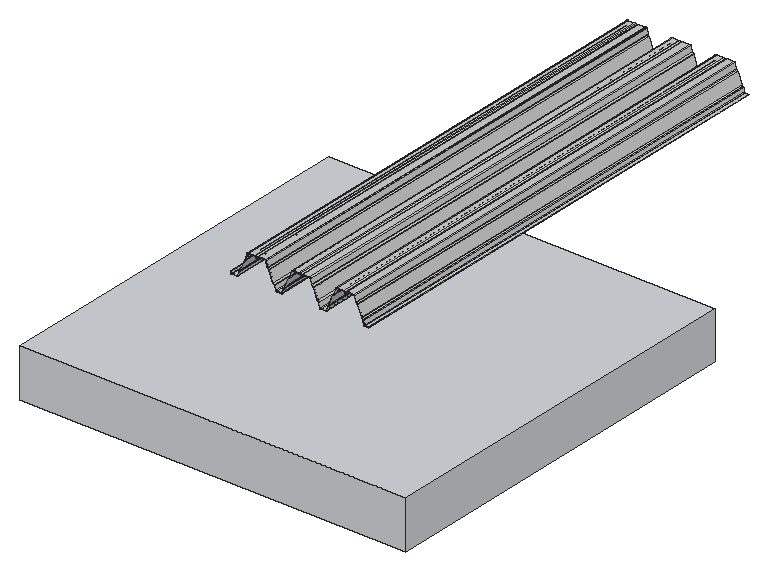
Revit family "Trapézový plech CB 150_280", category Obecné modely, Revit 2016
Family settings
  Hostitel = Plocha
  Typ součásti = Normální
  Může být hostitelem pro výztuž = Ne
  Kóta kulaté spojky = Použít průměr
  Ořezat dutým tvarem při načtení = Ne
  Sdílené = Ne
  Bod výpočtu místnosti = Ne
Parameters
  Šířka prvku - ořezání [instance] = 875 mm
  Šířka [instance] = 840 mm  # constant formula
  Výrobce = "CB profil a. s."  # constant formula
  Default Elevation = 0 mm
  URL = "https://www.cbprofil.cz/vyrobni-program/trapezove-plechy-vyroba-cb/"
  Třída oceli [instance] = Třída oceli : S 320 GD
  Tloušťka [instance] = 1 mm
  Pozitivní [instance] = not(Negativní)  # yes
  Popis = "CB 150/280"
  Negativní [instance] = no
  F2 barva [instance] = Pozink
  F1 barva [instance] = Pozink
  Délka [instance] = 3000 mm
  CB FLIS [instance] = no
Reference planes
  plane 1 "Střed (vpředu/vzadu)": y = 0
  plane 2: z = 0
  plane 3 "Střed (vlevo/vpravo)": x = 0
  plane 4 "trapézový plech": z = 0
  plane 5 "oříznutí": x = -875
  plane 6: x = -1219.2
  plane 7: x = -840
  plane 8: z = 155
Forms (mm)
  Extrusion 1, solid
    sketch origin (0, 0, 0) x (1, 0, 0) y (0, 1, 0)
      loop
        line (-1219.2, 1219.2) -> (-1219.2, -1219.2) -> (1219.2, -1219.2) -> (1219.2, 1219.2) -> (-1219.2, 1219.2)
    from 0 to -304.8
  Sweep 2, solid, material "Pozink" <- "F2 barva", visible <- "Pozitivní"
    path origin (0, 0, 0) x (-1, 0, 0) y (0, -1, 0)
      loop
        line (0, 0) -> (0, -3000)
    profile "CB 150_280 : CB 150_280" origin (0, 1500, 0) x (-1, 0, 0) y (0, 0, 1)
      loop
        line (-5, 0) -> (0, 0) -> (15.661, 0)
        arc (15.661, 0) -> (20.055, 1.551) -> (22.502, 5.518) r 7
        line (22.502, 5.518) -> (27.61, 29.093)
        arc (27.61, 29.093) -> (28.096, 30.408) -> (28.929, 31.537) r 5
        line (28.929, 31.537) -> (37.624, 40.393)
        arc (37.624, 40.393) -> (38.531, 41.534) -> (39.182, 42.837) r 7
        line (39.182, 42.837) -> (62.705, 105.501)
        arc (62.705, 105.501) -> (63.152, 106.402) -> (63.77, 107.196) r 5
        line (63.77, 107.196) -> (72.257, 116.088)
        arc (72.257, 116.088) -> (73.377, 117.641) -> (74.035, 119.439) r 7
        line (74.035, 119.439) -> (80.453, 149.059)
        arc (80.453, 149.059) -> (82.2, 151.892) -> (85.339, 153) r 5
        line (85.339, 153) -> (127.625, 153)
        arc (127.625, 153) -> (129.116, 152.772) -> (130.472, 152.111) r 5
        line (130.472, 152.111) -> (136.015, 148.272)
        arc (136.015, 148.272) -> (140, 147.027) -> (143.985, 148.272) r 7
        line (143.985, 148.272) -> (149.528, 152.111)
        arc (149.528, 152.111) -> (150.884, 152.772) -> (152.375, 153) r 5
        line (152.375, 153) -> (194.661, 153)
        arc (194.661, 153) -> (197.8, 151.892) -> (199.547, 149.059) r 5
        line (199.547, 149.059) -> (205.965, 119.439)
        arc (205.965, 119.439) -> (206.623, 117.641) -> (207.743, 116.088) r 7
        line (207.743, 116.088) -> (216.23, 107.196)
        arc (216.23, 107.196) -> (216.848, 106.402) -> (217.295, 105.501) r 5
        line (217.295, 105.501) -> (240.818, 42.837)
        arc (240.818, 42.837) -> (241.469, 41.534) -> (242.376, 40.393) r 7
        line (242.376, 40.393) -> (251.071, 31.537)
        arc (251.071, 31.537) -> (251.904, 30.408) -> (252.39, 29.093) r 5
        line (252.39, 29.093) -> (257.498, 5.518)
        arc (257.498, 5.518) -> (259.945, 1.551) -> (264.339, 0) r 7
        line (264.339, 0) -> (280, 0) -> (295.661, 0)
        arc (295.661, 0) -> (300.055, 1.551) -> (302.502, 5.518) r 7
        line (302.502, 5.518) -> (307.61, 29.093)
        arc (307.61, 29.093) -> (308.096, 30.408) -> (308.929, 31.537) r 5
        line (308.929, 31.537) -> (317.624, 40.393)
        arc (317.624, 40.393) -> (318.531, 41.534) -> (319.182, 42.837) r 7
        line (319.182, 42.837) -> (342.705, 105.501)
        arc (342.705, 105.501) -> (343.152, 106.402) -> (343.77, 107.196) r 5
        line (343.77, 107.196) -> (352.257, 116.088)
        arc (352.257, 116.088) -> (353.377, 117.641) -> (354.035, 119.439) r 7
        line (354.035, 119.439) -> (360.453, 149.059)
        arc (360.453, 149.059) -> (362.2, 151.892) -> (365.339, 153) r 5
        line (365.339, 153) -> (407.625, 153)
        arc (407.625, 153) -> (409.116, 152.772) -> (410.472, 152.111) r 5
        line (410.472, 152.111) -> (416.015, 148.272)
        arc (416.015, 148.272) -> (420, 147.027) -> (423.985, 148.272) r 7
        line (423.985, 148.272) -> (429.528, 152.111)
        arc (429.528, 152.111) -> (430.884, 152.772) -> (432.375, 153) r 5
        line (432.375, 153) -> (474.661, 153)
        arc (474.661, 153) -> (477.8, 151.892) -> (479.547, 149.059) r 5
        line (479.547, 149.059) -> (485.965, 119.439)
        arc (485.965, 119.439) -> (486.623, 117.641) -> (487.743, 116.088) r 7
        line (487.743, 116.088) -> (496.23, 107.196)
        arc (496.23, 107.196) -> (496.848, 106.402) -> (497.295, 105.501) r 5
        line (497.295, 105.501) -> (520.818, 42.837)
        arc (520.818, 42.837) -> (521.469, 41.534) -> (522.376, 40.393) r 7
        line (522.376, 40.393) -> (531.071, 31.537)
        arc (531.071, 31.537) -> (531.904, 30.408) -> (532.39, 29.093) r 5
        line (532.39, 29.093) -> (537.498, 5.518)
        arc (537.498, 5.518) -> (539.945, 1.551) -> (544.339, 0) r 7
        line (544.339, 0) -> (560, 0) -> (575.661, 0)
        arc (575.661, 0) -> (580.055, 1.551) -> (582.502, 5.518) r 7
        line (582.502, 5.518) -> (587.61, 29.093)
        arc (587.61, 29.093) -> (588.096, 30.408) -> (588.929, 31.537) r 5
        line (588.929, 31.537) -> (597.624, 40.393)
        arc (597.624, 40.393) -> (598.531, 41.534) -> (599.182, 42.837) r 7
        line (599.182, 42.837) -> (622.705, 105.501)
        arc (622.705, 105.501) -> (623.152, 106.402) -> (623.77, 107.196) r 5
        line (623.77, 107.196) -> (632.257, 116.088)
        arc (632.257, 116.088) -> (633.377, 117.641) -> (634.035, 119.439) r 7
        line (634.035, 119.439) -> (640.453, 149.059)
        arc (640.453, 149.059) -> (642.2, 151.892) -> (645.339, 153) r 5
        line (645.339, 153) -> (687.625, 153)
        arc (687.625, 153) -> (689.116, 152.772) -> (690.472, 152.111) r 5
        line (690.472, 152.111) -> (696.015, 148.272)
        arc (696.015, 148.272) -> (700, 147.027) -> (703.985, 148.272) r 7
        line (703.985, 148.272) -> (709.528, 152.111)
        arc (709.528, 152.111) -> (710.884, 152.772) -> (712.375, 153) r 5
        line (712.375, 153) -> (754.661, 153)
        arc (754.661, 153) -> (757.8, 151.892) -> (759.547, 149.059) r 5
        line (759.547, 149.059) -> (765.965, 119.439)
        arc (765.965, 119.439) -> (766.623, 117.641) -> (767.743, 116.088) r 7
        line (767.743, 116.088) -> (776.23, 107.196)
        arc (776.23, 107.196) -> (776.848, 106.402) -> (777.295, 105.501) r 5
        line (777.295, 105.501) -> (800.818, 42.837)
        arc (800.818, 42.837) -> (801.469, 41.534) -> (802.376, 40.393) r 7
        line (802.376, 40.393) -> (811.071, 31.537)
        arc (811.071, 31.537) -> (811.904, 30.408) -> (812.39, 29.093) r 5
        line (812.39, 29.093) -> (817.498, 5.518)
        arc (817.498, 5.518) -> (819.945, 1.551) -> (824.339, 0) r 7
        line (824.339, 0) -> (840, 0) -> (856.101, 0)
        arc (856.101, 0) -> (860.24, 1.355) -> (862.777, 4.894) r 7
        line (862.777, 4.894) -> (864.229, 9.496)
        arc (864.229, 9.496) -> (864.438, 10.045) -> (864.71, 10.565) r 5
        line (864.71, 10.565) -> (867.664, 15.485) -> (866.807, 16) -> (863.853, 11.08)
        arc (863.853, 11.08) -> (863.526, 10.455) -> (863.275, 9.796) r 6
        line (863.275, 9.796) -> (861.823, 5.195)
        arc (861.823, 5.195) -> (859.649, 2.161) -> (856.101, 1) r 6
        line (856.101, 1) -> (840, 1) -> (824.339, 1)
        arc (824.339, 1) -> (820.572, 2.33) -> (818.475, 5.729) r 6
        line (818.475, 5.729) -> (813.367, 29.305)
        arc (813.367, 29.305) -> (812.784, 30.883) -> (811.785, 32.238) r 6
        line (811.785, 32.238) -> (803.09, 41.094)
        arc (803.09, 41.094) -> (802.312, 42.071) -> (801.754, 43.189) r 6
        line (801.754, 43.189) -> (778.231, 105.852)
        arc (778.231, 105.852) -> (777.695, 106.934) -> (776.954, 107.887) r 6
        line (776.954, 107.887) -> (768.466, 116.778)
        arc (768.466, 116.778) -> (767.506, 118.109) -> (766.942, 119.651) r 6
        line (766.942, 119.651) -> (760.525, 149.271)
        arc (760.525, 149.271) -> (758.428, 152.67) -> (754.661, 154) r 6
        line (754.661, 154) -> (712.375, 154)
        arc (712.375, 154) -> (710.585, 153.727) -> (708.959, 152.933) r 6
        line (708.959, 152.933) -> (703.416, 149.094)
        arc (703.416, 149.094) -> (700, 148.027) -> (696.584, 149.094) r 6
        line (696.584, 149.094) -> (691.041, 152.933)
        arc (691.041, 152.933) -> (689.415, 153.727) -> (687.625, 154) r 6
        line (687.625, 154) -> (645.339, 154)
        arc (645.339, 154) -> (641.572, 152.67) -> (639.475, 149.271) r 6
        line (639.475, 149.271) -> (633.058, 119.651)
        arc (633.058, 119.651) -> (632.494, 118.109) -> (631.534, 116.778) r 6
        line (631.534, 116.778) -> (623.046, 107.887)
        arc (623.046, 107.887) -> (622.305, 106.934) -> (621.769, 105.852) r 6
        line (621.769, 105.852) -> (598.246, 43.189)
        arc (598.246, 43.189) -> (597.688, 42.071) -> (596.91, 41.094) r 6
        line (596.91, 41.094) -> (588.215, 32.238)
        arc (588.215, 32.238) -> (587.216, 30.883) -> (586.633, 29.305) r 6
        line (586.633, 29.305) -> (581.525, 5.729)
        arc (581.525, 5.729) -> (579.428, 2.33) -> (575.661, 1) r 6
        line (575.661, 1) -> (560, 1) -> (544.339, 1)
        arc (544.339, 1) -> (540.572, 2.33) -> (538.475, 5.729) r 6
        line (538.475, 5.729) -> (533.367, 29.305)
        arc (533.367, 29.305) -> (532.784, 30.883) -> (531.785, 32.238) r 6
        line (531.785, 32.238) -> (523.09, 41.094)
        arc (523.09, 41.094) -> (522.312, 42.071) -> (521.754, 43.189) r 6
        line (521.754, 43.189) -> (498.231, 105.852)
        arc (498.231, 105.852) -> (497.695, 106.934) -> (496.954, 107.887) r 6
        line (496.954, 107.887) -> (488.466, 116.778)
        arc (488.466, 116.778) -> (487.506, 118.109) -> (486.942, 119.651) r 6
        line (486.942, 119.651) -> (480.525, 149.271)
        arc (480.525, 149.271) -> (478.428, 152.67) -> (474.661, 154) r 6
        line (474.661, 154) -> (432.375, 154)
        arc (432.375, 154) -> (430.585, 153.727) -> (428.959, 152.933) r 6
        line (428.959, 152.933) -> (423.416, 149.094)
        arc (423.416, 149.094) -> (420, 148.027) -> (416.584, 149.094) r 6
        line (416.584, 149.094) -> (411.041, 152.933)
        arc (411.041, 152.933) -> (409.415, 153.727) -> (407.625, 154) r 6
        line (407.625, 154) -> (365.339, 154)
        arc (365.339, 154) -> (361.572, 152.67) -> (359.475, 149.271) r 6
        line (359.475, 149.271) -> (353.058, 119.651)
        arc (353.058, 119.651) -> (352.494, 118.109) -> (351.534, 116.778) r 6
        line (351.534, 116.778) -> (343.046, 107.887)
        arc (343.046, 107.887) -> (342.305, 106.934) -> (341.769, 105.852) r 6
        line (341.769, 105.852) -> (318.246, 43.189)
        arc (318.246, 43.189) -> (317.688, 42.071) -> (316.91, 41.094) r 6
        line (316.91, 41.094) -> (308.215, 32.238)
        arc (308.215, 32.238) -> (307.216, 30.883) -> (306.633, 29.305) r 6
        line (306.633, 29.305) -> (301.525, 5.729)
        arc (301.525, 5.729) -> (299.428, 2.33) -> (295.661, 1) r 6
        line (295.661, 1) -> (280, 1) -> (264.339, 1)
        arc (264.339, 1) -> (260.572, 2.33) -> (258.475, 5.729) r 6
        line (258.475, 5.729) -> (253.367, 29.305)
        arc (253.367, 29.305) -> (252.784, 30.883) -> (251.785, 32.238) r 6
        line (251.785, 32.238) -> (243.09, 41.094)
        arc (243.09, 41.094) -> (242.312, 42.071) -> (241.754, 43.189) r 6
        line (241.754, 43.189) -> (218.231, 105.852)
        arc (218.231, 105.852) -> (217.695, 106.934) -> (216.954, 107.887) r 6
        line (216.954, 107.887) -> (208.466, 116.778)
        arc (208.466, 116.778) -> (207.506, 118.109) -> (206.942, 119.651) r 6
        line (206.942, 119.651) -> (200.525, 149.271)
        arc (200.525, 149.271) -> (198.428, 152.67) -> (194.661, 154) r 6
        line (194.661, 154) -> (152.375, 154)
        arc (152.375, 154) -> (150.585, 153.727) -> (148.959, 152.933) r 6
        line (148.959, 152.933) -> (143.416, 149.094)
        arc (143.416, 149.094) -> (140, 148.027) -> (136.584, 149.094) r 6
        line (136.584, 149.094) -> (131.041, 152.933)
        arc (131.041, 152.933) -> (129.415, 153.727) -> (127.625, 154) r 6
        line (127.625, 154) -> (85.339, 154)
        arc (85.339, 154) -> (81.572, 152.67) -> (79.475, 149.271) r 6
        line (79.475, 149.271) -> (73.058, 119.651)
        arc (73.058, 119.651) -> (72.494, 118.109) -> (71.534, 116.778) r 6
        line (71.534, 116.778) -> (63.046, 107.887)
        arc (63.046, 107.887) -> (62.305, 106.934) -> (61.769, 105.852) r 6
        line (61.769, 105.852) -> (38.246, 43.189)
        arc (38.246, 43.189) -> (37.688, 42.071) -> (36.91, 41.094) r 6
        line (36.91, 41.094) -> (28.215, 32.238)
        arc (28.215, 32.238) -> (27.216, 30.883) -> (26.633, 29.305) r 6
        line (26.633, 29.305) -> (21.525, 5.729)
        arc (21.525, 5.729) -> (19.428, 2.33) -> (15.661, 1) r 6
        line (15.661, 1) -> (0, 1) -> (-5, 1) -> (-5, 0)
  Extrusion 3, void
    sketch origin (0, 0, 0) x (1, 0, 0) y (0, 0, 1)
      loop
        line (-1219.2, 0) -> (-875, 0) -> (-875, 155) -> (-1219.2, 155) -> (-1219.2, 0)
    from 0 to -3000
  Sweep 4, solid, material "Pozink" <- "F2 barva", visible <- "Negativní"
    path origin (0, 0, 0) x (-1, 0, 0) y (0, -1, 0)
      loop
        line (0, 0) -> (0, -3000)
    profile "CB 150_280_neg : CB 150_280_neg" origin (0, 1500, 0) x (-1, 0, 0) y (0, 0, 1)
      loop
        line (-5, 154) -> (-5, 153) -> (0, 153) -> (15.661, 153)
        arc (15.661, 153) -> (19.428, 151.67) -> (21.525, 148.271) r 6
        line (21.525, 148.271) -> (26.633, 124.695)
        arc (26.633, 124.695) -> (27.216, 123.117) -> (28.215, 121.762) r 6
        line (28.215, 121.762) -> (36.91, 112.906)
        arc (36.91, 112.906) -> (37.688, 111.929) -> (38.246, 110.811) r 6
        line (38.246, 110.811) -> (61.769, 48.148)
        arc (61.769, 48.148) -> (62.305, 47.066) -> (63.046, 46.113) r 6
        line (63.046, 46.113) -> (71.534, 37.222)
        arc (71.534, 37.222) -> (72.494, 35.891) -> (73.058, 34.349) r 6
        line (73.058, 34.349) -> (79.475, 4.729)
        arc (79.475, 4.729) -> (81.572, 1.33) -> (85.339, 0) r 6
        line (85.339, 0) -> (127.625, 0)
        arc (127.625, 0) -> (129.415, 0.273) -> (131.041, 1.067) r 6
        line (131.041, 1.067) -> (136.584, 4.906)
        arc (136.584, 4.906) -> (140, 5.973) -> (143.416, 4.906) r 6
        line (143.416, 4.906) -> (148.959, 1.067)
        arc (148.959, 1.067) -> (150.585, 0.273) -> (152.375, 0) r 6
        line (152.375, 0) -> (194.661, 0)
        arc (194.661, 0) -> (198.428, 1.33) -> (200.525, 4.729) r 6
        line (200.525, 4.729) -> (206.942, 34.349)
        arc (206.942, 34.349) -> (207.506, 35.891) -> (208.466, 37.222) r 6
        line (208.466, 37.222) -> (216.954, 46.113)
        arc (216.954, 46.113) -> (217.695, 47.066) -> (218.231, 48.148) r 6
        line (218.231, 48.148) -> (241.754, 110.811)
        arc (241.754, 110.811) -> (242.312, 111.929) -> (243.09, 112.906) r 6
        line (243.09, 112.906) -> (251.785, 121.762)
        arc (251.785, 121.762) -> (252.784, 123.117) -> (253.367, 124.695) r 6
        line (253.367, 124.695) -> (258.475, 148.271)
        arc (258.475, 148.271) -> (260.572, 151.67) -> (264.339, 153) r 6
        line (264.339, 153) -> (280, 153) -> (295.661, 153)
        arc (295.661, 153) -> (299.428, 151.67) -> (301.525, 148.271) r 6
        line (301.525, 148.271) -> (306.633, 124.695)
        arc (306.633, 124.695) -> (307.216, 123.117) -> (308.215, 121.762) r 6
        line (308.215, 121.762) -> (316.91, 112.906)
        arc (316.91, 112.906) -> (317.688, 111.929) -> (318.246, 110.811) r 6
        line (318.246, 110.811) -> (341.769, 48.148)
        arc (341.769, 48.148) -> (342.305, 47.066) -> (343.046, 46.113) r 6
        line (343.046, 46.113) -> (351.534, 37.222)
        arc (351.534, 37.222) -> (352.494, 35.891) -> (353.058, 34.349) r 6
        line (353.058, 34.349) -> (359.475, 4.729)
        arc (359.475, 4.729) -> (361.572, 1.33) -> (365.339, 0) r 6
        line (365.339, 0) -> (407.625, 0)
        arc (407.625, 0) -> (409.415, 0.273) -> (411.041, 1.067) r 6
        line (411.041, 1.067) -> (416.584, 4.906)
        arc (416.584, 4.906) -> (420, 5.973) -> (423.416, 4.906) r 6
        line (423.416, 4.906) -> (428.959, 1.067)
        arc (428.959, 1.067) -> (430.585, 0.273) -> (432.375, 0) r 6
        line (432.375, 0) -> (474.661, 0)
        arc (474.661, 0) -> (478.428, 1.33) -> (480.525, 4.729) r 6
        line (480.525, 4.729) -> (486.942, 34.349)
        arc (486.942, 34.349) -> (487.506, 35.891) -> (488.466, 37.222) r 6
        line (488.466, 37.222) -> (496.954, 46.113)
        arc (496.954, 46.113) -> (497.695, 47.066) -> (498.231, 48.148) r 6
        line (498.231, 48.148) -> (521.754, 110.811)
        arc (521.754, 110.811) -> (522.312, 111.929) -> (523.09, 112.906) r 6
        line (523.09, 112.906) -> (531.785, 121.762)
        arc (531.785, 121.762) -> (532.784, 123.117) -> (533.367, 124.695) r 6
        line (533.367, 124.695) -> (538.475, 148.271)
        arc (538.475, 148.271) -> (540.572, 151.67) -> (544.339, 153) r 6
        line (544.339, 153) -> (560, 153) -> (575.661, 153)
        arc (575.661, 153) -> (579.428, 151.67) -> (581.525, 148.271) r 6
        line (581.525, 148.271) -> (586.633, 124.695)
        arc (586.633, 124.695) -> (587.216, 123.117) -> (588.215, 121.762) r 6
        line (588.215, 121.762) -> (596.91, 112.906)
        arc (596.91, 112.906) -> (597.688, 111.929) -> (598.246, 110.811) r 6
        line (598.246, 110.811) -> (621.769, 48.148)
        arc (621.769, 48.148) -> (622.305, 47.066) -> (623.046, 46.113) r 6
        line (623.046, 46.113) -> (631.534, 37.222)
        arc (631.534, 37.222) -> (632.494, 35.891) -> (633.058, 34.349) r 6
        line (633.058, 34.349) -> (639.475, 4.729)
        arc (639.475, 4.729) -> (641.572, 1.33) -> (645.339, 0) r 6
        line (645.339, 0) -> (687.625, 0)
        arc (687.625, 0) -> (689.415, 0.273) -> (691.041, 1.067) r 6
        line (691.041, 1.067) -> (696.584, 4.906)
        arc (696.584, 4.906) -> (700, 5.973) -> (703.416, 4.906) r 6
        line (703.416, 4.906) -> (708.959, 1.067)
        arc (708.959, 1.067) -> (710.585, 0.273) -> (712.375, 0) r 6
        line (712.375, 0) -> (754.661, 0)
        arc (754.661, 0) -> (758.428, 1.33) -> (760.525, 4.729) r 6
        line (760.525, 4.729) -> (766.942, 34.349)
        arc (766.942, 34.349) -> (767.506, 35.891) -> (768.466, 37.222) r 6
        line (768.466, 37.222) -> (776.954, 46.113)
        arc (776.954, 46.113) -> (777.695, 47.066) -> (778.231, 48.148) r 6
        line (778.231, 48.148) -> (801.754, 110.811)
        arc (801.754, 110.811) -> (802.312, 111.929) -> (803.09, 112.906) r 6
        line (803.09, 112.906) -> (811.785, 121.762)
        arc (811.785, 121.762) -> (812.784, 123.117) -> (813.367, 124.695) r 6
        line (813.367, 124.695) -> (818.475, 148.271)
        arc (818.475, 148.271) -> (820.572, 151.67) -> (824.339, 153) r 6
        line (824.339, 153) -> (840, 153) -> (856.101, 153)
        arc (856.101, 153) -> (859.649, 151.839) -> (861.823, 148.805) r 6
        line (861.823, 148.805) -> (863.275, 144.204)
        arc (863.275, 144.204) -> (863.526, 143.545) -> (863.853, 142.92) r 6
        line (863.853, 142.92) -> (866.807, 138) -> (867.664, 138.515) -> (864.71, 143.435)
        arc (864.71, 143.435) -> (864.438, 143.955) -> (864.229, 144.504) r 5
        line (864.229, 144.504) -> (862.777, 149.106)
        arc (862.777, 149.106) -> (860.24, 152.645) -> (856.101, 154) r 7
        line (856.101, 154) -> (840, 154) -> (824.339, 154)
        arc (824.339, 154) -> (819.945, 152.449) -> (817.498, 148.482) r 7
        line (817.498, 148.482) -> (812.39, 124.907)
        arc (812.39, 124.907) -> (811.904, 123.592) -> (811.071, 122.463) r 5
        line (811.071, 122.463) -> (802.376, 113.607)
        arc (802.376, 113.607) -> (801.469, 112.466) -> (800.818, 111.163) r 7
        line (800.818, 111.163) -> (777.295, 48.499)
        arc (777.295, 48.499) -> (776.848, 47.598) -> (776.23, 46.804) r 5
        line (776.23, 46.804) -> (767.743, 37.912)
        arc (767.743, 37.912) -> (766.623, 36.359) -> (765.965, 34.561) r 7
        line (765.965, 34.561) -> (759.547, 4.941)
        arc (759.547, 4.941) -> (757.8, 2.108) -> (754.661, 1) r 5
        line (754.661, 1) -> (712.375, 1)
        arc (712.375, 1) -> (710.884, 1.228) -> (709.528, 1.889) r 5
        line (709.528, 1.889) -> (703.985, 5.728)
        arc (703.985, 5.728) -> (700, 6.973) -> (696.015, 5.728) r 7
        line (696.015, 5.728) -> (690.472, 1.889)
        arc (690.472, 1.889) -> (689.116, 1.228) -> (687.625, 1) r 5
        line (687.625, 1) -> (645.339, 1)
        arc (645.339, 1) -> (642.2, 2.108) -> (640.453, 4.941) r 5
        line (640.453, 4.941) -> (634.035, 34.561)
        arc (634.035, 34.561) -> (633.377, 36.359) -> (632.257, 37.912) r 7
        line (632.257, 37.912) -> (623.77, 46.804)
        arc (623.77, 46.804) -> (623.152, 47.598) -> (622.705, 48.499) r 5
        line (622.705, 48.499) -> (599.182, 111.163)
        arc (599.182, 111.163) -> (598.531, 112.466) -> (597.624, 113.607) r 7
        line (597.624, 113.607) -> (588.929, 122.463)
        arc (588.929, 122.463) -> (588.096, 123.592) -> (587.61, 124.907) r 5
        line (587.61, 124.907) -> (582.502, 148.482)
        arc (582.502, 148.482) -> (580.055, 152.449) -> (575.661, 154) r 7
        line (575.661, 154) -> (560, 154) -> (544.339, 154)
        arc (544.339, 154) -> (539.945, 152.449) -> (537.498, 148.482) r 7
        line (537.498, 148.482) -> (532.39, 124.907)
        arc (532.39, 124.907) -> (531.904, 123.592) -> (531.071, 122.463) r 5
        line (531.071, 122.463) -> (522.376, 113.607)
        arc (522.376, 113.607) -> (521.469, 112.466) -> (520.818, 111.163) r 7
        line (520.818, 111.163) -> (497.295, 48.499)
        arc (497.295, 48.499) -> (496.848, 47.598) -> (496.23, 46.804) r 5
        line (496.23, 46.804) -> (487.743, 37.912)
        arc (487.743, 37.912) -> (486.623, 36.359) -> (485.965, 34.561) r 7
        line (485.965, 34.561) -> (479.547, 4.941)
        arc (479.547, 4.941) -> (477.8, 2.108) -> (474.661, 1) r 5
        line (474.661, 1) -> (432.375, 1)
        arc (432.375, 1) -> (430.884, 1.228) -> (429.528, 1.889) r 5
        line (429.528, 1.889) -> (423.985, 5.728)
        arc (423.985, 5.728) -> (420, 6.973) -> (416.015, 5.728) r 7
        line (416.015, 5.728) -> (410.472, 1.889)
        arc (410.472, 1.889) -> (409.116, 1.228) -> (407.625, 1) r 5
        line (407.625, 1) -> (365.339, 1)
        arc (365.339, 1) -> (362.2, 2.108) -> (360.453, 4.941) r 5
        line (360.453, 4.941) -> (354.035, 34.561)
        arc (354.035, 34.561) -> (353.377, 36.359) -> (352.257, 37.912) r 7
        line (352.257, 37.912) -> (343.77, 46.804)
        arc (343.77, 46.804) -> (343.152, 47.598) -> (342.705, 48.499) r 5
        line (342.705, 48.499) -> (319.182, 111.163)
        arc (319.182, 111.163) -> (318.531, 112.466) -> (317.624, 113.607) r 7
        line (317.624, 113.607) -> (308.929, 122.463)
        arc (308.929, 122.463) -> (308.096, 123.592) -> (307.61, 124.907) r 5
        line (307.61, 124.907) -> (302.502, 148.482)
        arc (302.502, 148.482) -> (300.055, 152.449) -> (295.661, 154) r 7
        line (295.661, 154) -> (280, 154) -> (264.339, 154)
        arc (264.339, 154) -> (259.945, 152.449) -> (257.498, 148.482) r 7
        line (257.498, 148.482) -> (252.39, 124.907)
        arc (252.39, 124.907) -> (251.904, 123.592) -> (251.071, 122.463) r 5
        line (251.071, 122.463) -> (242.376, 113.607)
        arc (242.376, 113.607) -> (241.469, 112.466) -> (240.818, 111.163) r 7
        line (240.818, 111.163) -> (217.295, 48.499)
        arc (217.295, 48.499) -> (216.848, 47.598) -> (216.23, 46.804) r 5
        line (216.23, 46.804) -> (207.743, 37.912)
        arc (207.743, 37.912) -> (206.623, 36.359) -> (205.965, 34.561) r 7
        line (205.965, 34.561) -> (199.547, 4.941)
        arc (199.547, 4.941) -> (197.8, 2.108) -> (194.661, 1) r 5
        line (194.661, 1) -> (152.375, 1)
        arc (152.375, 1) -> (150.884, 1.228) -> (149.528, 1.889) r 5
        line (149.528, 1.889) -> (143.985, 5.728)
        arc (143.985, 5.728) -> (140, 6.973) -> (136.015, 5.728) r 7
        line (136.015, 5.728) -> (130.472, 1.889)
        arc (130.472, 1.889) -> (129.116, 1.228) -> (127.625, 1) r 5
        line (127.625, 1) -> (85.339, 1)
        arc (85.339, 1) -> (82.2, 2.108) -> (80.453, 4.941) r 5
        line (80.453, 4.941) -> (74.035, 34.561)
        arc (74.035, 34.561) -> (73.377, 36.359) -> (72.257, 37.912) r 7
        line (72.257, 37.912) -> (63.77, 46.804)
        arc (63.77, 46.804) -> (63.152, 47.598) -> (62.705, 48.499) r 5
        line (62.705, 48.499) -> (39.182, 111.163)
        arc (39.182, 111.163) -> (38.531, 112.466) -> (37.624, 113.607) r 7
        line (37.624, 113.607) -> (28.929, 122.463)
        arc (28.929, 122.463) -> (28.096, 123.592) -> (27.61, 124.907) r 5
        line (27.61, 124.907) -> (22.502, 148.482)
        arc (22.502, 148.482) -> (20.055, 152.449) -> (15.661, 154) r 7
        line (15.661, 154) -> (0, 154) -> (-5, 154)
  Sweep 5, solid, material "Pozink" <- "F1 barva", visible <- "Pozitivní"
    path origin (0, 0, 0) x (-1, 0, 0) y (0, -1, 0)
      loop
        line (0, 0) -> (0, -3000)
    profile "CB 150_280_F1 : CB 150_280_F1" origin (0, 1500, 0) x (-1, 0, 0) y (0, 0, 1)
      loop
        line (-5, 1) -> (0, 1) -> (15.661, 1)
        arc (15.661, 1) -> (19.428, 2.33) -> (21.525, 5.729) r 6
        line (21.525, 5.729) -> (26.633, 29.305)
        arc (26.633, 29.305) -> (27.216, 30.883) -> (28.215, 32.238) r 6
        line (28.215, 32.238) -> (36.91, 41.094)
        arc (36.91, 41.094) -> (37.688, 42.071) -> (38.246, 43.189) r 6
        line (38.246, 43.189) -> (61.769, 105.852)
        arc (61.769, 105.852) -> (62.305, 106.934) -> (63.046, 107.887) r 6
        line (63.046, 107.887) -> (71.534, 116.778)
        arc (71.534, 116.778) -> (72.494, 118.109) -> (73.058, 119.651) r 6
        line (73.058, 119.651) -> (79.475, 149.271)
        arc (79.475, 149.271) -> (81.572, 152.67) -> (85.339, 154) r 6
        line (85.339, 154) -> (127.625, 154)
        arc (127.625, 154) -> (129.415, 153.727) -> (131.041, 152.933) r 6
        line (131.041, 152.933) -> (136.584, 149.094)
        arc (136.584, 149.094) -> (140, 148.027) -> (143.416, 149.094) r 6
        line (143.416, 149.094) -> (148.959, 152.933)
        arc (148.959, 152.933) -> (150.585, 153.727) -> (152.375, 154) r 6
        line (152.375, 154) -> (194.661, 154)
        arc (194.661, 154) -> (198.428, 152.67) -> (200.525, 149.271) r 6
        line (200.525, 149.271) -> (206.942, 119.651)
        arc (206.942, 119.651) -> (207.506, 118.109) -> (208.466, 116.778) r 6
        line (208.466, 116.778) -> (216.954, 107.887)
        arc (216.954, 107.887) -> (217.695, 106.934) -> (218.231, 105.852) r 6
        line (218.231, 105.852) -> (241.754, 43.189)
        arc (241.754, 43.189) -> (242.312, 42.071) -> (243.09, 41.094) r 6
        line (243.09, 41.094) -> (251.785, 32.238)
        arc (251.785, 32.238) -> (252.784, 30.883) -> (253.367, 29.305) r 6
        line (253.367, 29.305) -> (258.475, 5.729)
        arc (258.475, 5.729) -> (260.572, 2.33) -> (264.339, 1) r 6
        line (264.339, 1) -> (280, 1) -> (295.661, 1)
        arc (295.661, 1) -> (299.428, 2.33) -> (301.525, 5.729) r 6
        line (301.525, 5.729) -> (306.633, 29.305)
        arc (306.633, 29.305) -> (307.216, 30.883) -> (308.215, 32.238) r 6
        line (308.215, 32.238) -> (316.91, 41.094)
        arc (316.91, 41.094) -> (317.688, 42.071) -> (318.246, 43.189) r 6
        line (318.246, 43.189) -> (341.769, 105.852)
        arc (341.769, 105.852) -> (342.305, 106.934) -> (343.046, 107.887) r 6
        line (343.046, 107.887) -> (351.534, 116.778)
        arc (351.534, 116.778) -> (352.494, 118.109) -> (353.058, 119.651) r 6
        line (353.058, 119.651) -> (359.475, 149.271)
        arc (359.475, 149.271) -> (361.572, 152.67) -> (365.339, 154) r 6
        line (365.339, 154) -> (407.625, 154)
        arc (407.625, 154) -> (409.415, 153.727) -> (411.041, 152.933) r 6
        line (411.041, 152.933) -> (416.584, 149.094)
        arc (416.584, 149.094) -> (420, 148.027) -> (423.416, 149.094) r 6
        line (423.416, 149.094) -> (428.959, 152.933)
        arc (428.959, 152.933) -> (430.585, 153.727) -> (432.375, 154) r 6
        line (432.375, 154) -> (474.661, 154)
        arc (474.661, 154) -> (478.428, 152.67) -> (480.525, 149.271) r 6
        line (480.525, 149.271) -> (486.942, 119.651)
        arc (486.942, 119.651) -> (487.506, 118.109) -> (488.466, 116.778) r 6
        line (488.466, 116.778) -> (496.954, 107.887)
        arc (496.954, 107.887) -> (497.695, 106.934) -> (498.231, 105.852) r 6
        line (498.231, 105.852) -> (521.754, 43.189)
        arc (521.754, 43.189) -> (522.312, 42.071) -> (523.09, 41.094) r 6
        line (523.09, 41.094) -> (531.785, 32.238)
        arc (531.785, 32.238) -> (532.784, 30.883) -> (533.367, 29.305) r 6
        line (533.367, 29.305) -> (538.475, 5.729)
        arc (538.475, 5.729) -> (540.572, 2.33) -> (544.339, 1) r 6
        line (544.339, 1) -> (560, 1) -> (575.661, 1)
        arc (575.661, 1) -> (579.428, 2.33) -> (581.525, 5.729) r 6
        line (581.525, 5.729) -> (586.633, 29.305)
        arc (586.633, 29.305) -> (587.216, 30.883) -> (588.215, 32.238) r 6
        line (588.215, 32.238) -> (596.91, 41.094)
        arc (596.91, 41.094) -> (597.688, 42.071) -> (598.246, 43.189) r 6
        line (598.246, 43.189) -> (621.769, 105.852)
        arc (621.769, 105.852) -> (622.305, 106.934) -> (623.046, 107.887) r 6
        line (623.046, 107.887) -> (631.534, 116.778)
        arc (631.534, 116.778) -> (632.494, 118.109) -> (633.058, 119.651) r 6
        line (633.058, 119.651) -> (639.475, 149.271)
        arc (639.475, 149.271) -> (641.572, 152.67) -> (645.339, 154) r 6
        line (645.339, 154) -> (687.625, 154)
        arc (687.625, 154) -> (689.415, 153.727) -> (691.041, 152.933) r 6
        line (691.041, 152.933) -> (696.584, 149.094)
        arc (696.584, 149.094) -> (700, 148.027) -> (703.416, 149.094) r 6
        line (703.416, 149.094) -> (708.959, 152.933)
        arc (708.959, 152.933) -> (710.585, 153.727) -> (712.375, 154) r 6
        line (712.375, 154) -> (754.661, 154)
        arc (754.661, 154) -> (758.428, 152.67) -> (760.525, 149.271) r 6
        line (760.525, 149.271) -> (766.942, 119.651)
        arc (766.942, 119.651) -> (767.506, 118.109) -> (768.466, 116.778) r 6
        line (768.466, 116.778) -> (776.954, 107.887)
        arc (776.954, 107.887) -> (777.695, 106.934) -> (778.231, 105.852) r 6
        line (778.231, 105.852) -> (801.754, 43.189)
        arc (801.754, 43.189) -> (802.312, 42.071) -> (803.09, 41.094) r 6
        line (803.09, 41.094) -> (811.785, 32.238)
        arc (811.785, 32.238) -> (812.784, 30.883) -> (813.367, 29.305) r 6
        line (813.367, 29.305) -> (818.475, 5.729)
        arc (818.475, 5.729) -> (820.572, 2.33) -> (824.339, 1) r 6
        line (824.339, 1) -> (840, 1) -> (856.101, 1)
        arc (856.101, 1) -> (859.649, 2.161) -> (861.823, 5.195) r 6
        line (861.823, 5.195) -> (863.275, 9.796)
        arc (863.275, 9.796) -> (863.526, 10.455) -> (863.853, 11.08) r 6
        line (863.853, 11.08) -> (866.807, 16) -> (865.95, 16.515) -> (862.996, 11.595)
        arc (862.996, 11.595) -> (862.614, 10.866) -> (862.321, 10.097) r 7
        line (862.321, 10.097) -> (860.87, 5.496)
        arc (860.87, 5.496) -> (859.058, 2.968) -> (856.101, 2) r 5
        line (856.101, 2) -> (840, 2) -> (824.339, 2)
        arc (824.339, 2) -> (821.2, 3.108) -> (819.453, 5.941) r 5
        line (819.453, 5.941) -> (814.345, 29.516)
        arc (814.345, 29.516) -> (813.664, 31.358) -> (812.498, 32.938) r 7
        line (812.498, 32.938) -> (803.803, 41.794)
        arc (803.803, 41.794) -> (803.155, 42.609) -> (802.69, 43.54) r 5
        line (802.69, 43.54) -> (779.167, 106.204)
        arc (779.167, 106.204) -> (778.542, 107.466) -> (777.677, 108.577) r 7
        line (777.677, 108.577) -> (769.19, 117.469)
        arc (769.19, 117.469) -> (768.389, 118.578) -> (767.92, 119.862) r 5
        line (767.92, 119.862) -> (761.502, 149.482)
        arc (761.502, 149.482) -> (759.055, 153.449) -> (754.661, 155) r 7
        line (754.661, 155) -> (712.375, 155)
        arc (712.375, 155) -> (710.287, 154.681) -> (708.39, 153.755) r 7
        line (708.39, 153.755) -> (702.846, 149.917)
        arc (702.846, 149.917) -> (700, 149.027) -> (697.154, 149.917) r 5
        line (697.154, 149.917) -> (691.61, 153.755)
        arc (691.61, 153.755) -> (689.713, 154.681) -> (687.625, 155) r 7
        line (687.625, 155) -> (645.339, 155)
        arc (645.339, 155) -> (640.945, 153.449) -> (638.498, 149.482) r 7
        line (638.498, 149.482) -> (632.08, 119.862)
        arc (632.08, 119.862) -> (631.611, 118.578) -> (630.81, 117.469) r 5
        line (630.81, 117.469) -> (622.323, 108.577)
        arc (622.323, 108.577) -> (621.458, 107.466) -> (620.833, 106.204) r 7
        line (620.833, 106.204) -> (597.31, 43.54)
        arc (597.31, 43.54) -> (596.845, 42.609) -> (596.197, 41.794) r 5
        line (596.197, 41.794) -> (587.502, 32.938)
        arc (587.502, 32.938) -> (586.336, 31.358) -> (585.655, 29.516) r 7
        line (585.655, 29.516) -> (580.547, 5.941)
        arc (580.547, 5.941) -> (578.8, 3.108) -> (575.661, 2) r 5
        line (575.661, 2) -> (560, 2) -> (544.339, 2)
        arc (544.339, 2) -> (541.2, 3.108) -> (539.453, 5.941) r 5
        line (539.453, 5.941) -> (534.345, 29.516)
        arc (534.345, 29.516) -> (533.664, 31.358) -> (532.498, 32.938) r 7
        line (532.498, 32.938) -> (523.803, 41.794)
        arc (523.803, 41.794) -> (523.155, 42.609) -> (522.69, 43.54) r 5
        line (522.69, 43.54) -> (499.167, 106.204)
        arc (499.167, 106.204) -> (498.542, 107.466) -> (497.677, 108.577) r 7
        line (497.677, 108.577) -> (489.19, 117.469)
        arc (489.19, 117.469) -> (488.389, 118.578) -> (487.92, 119.862) r 5
        line (487.92, 119.862) -> (481.502, 149.482)
        arc (481.502, 149.482) -> (479.055, 153.449) -> (474.661, 155) r 7
        line (474.661, 155) -> (432.375, 155)
        arc (432.375, 155) -> (430.287, 154.681) -> (428.39, 153.755) r 7
        line (428.39, 153.755) -> (422.846, 149.917)
        arc (422.846, 149.917) -> (420, 149.027) -> (417.154, 149.917) r 5
        line (417.154, 149.917) -> (411.61, 153.755)
        arc (411.61, 153.755) -> (409.713, 154.681) -> (407.625, 155) r 7
        line (407.625, 155) -> (365.339, 155)
        arc (365.339, 155) -> (360.945, 153.449) -> (358.498, 149.482) r 7
        line (358.498, 149.482) -> (352.08, 119.862)
        arc (352.08, 119.862) -> (351.611, 118.578) -> (350.81, 117.469) r 5
        line (350.81, 117.469) -> (342.323, 108.577)
        arc (342.323, 108.577) -> (341.458, 107.466) -> (340.833, 106.204) r 7
        line (340.833, 106.204) -> (317.31, 43.54)
        arc (317.31, 43.54) -> (316.845, 42.609) -> (316.197, 41.794) r 5
        line (316.197, 41.794) -> (307.502, 32.938)
        arc (307.502, 32.938) -> (306.336, 31.358) -> (305.655, 29.516) r 7
        line (305.655, 29.516) -> (300.547, 5.941)
        arc (300.547, 5.941) -> (298.8, 3.108) -> (295.661, 2) r 5
        line (295.661, 2) -> (280, 2) -> (264.339, 2)
        arc (264.339, 2) -> (261.2, 3.108) -> (259.453, 5.941) r 5
        line (259.453, 5.941) -> (254.345, 29.516)
        arc (254.345, 29.516) -> (253.664, 31.358) -> (252.498, 32.938) r 7
        line (252.498, 32.938) -> (243.803, 41.794)
        arc (243.803, 41.794) -> (243.155, 42.609) -> (242.69, 43.54) r 5
        line (242.69, 43.54) -> (219.167, 106.204)
        arc (219.167, 106.204) -> (218.542, 107.466) -> (217.677, 108.577) r 7
        line (217.677, 108.577) -> (209.19, 117.469)
        arc (209.19, 117.469) -> (208.389, 118.578) -> (207.92, 119.862) r 5
        line (207.92, 119.862) -> (201.502, 149.482)
        arc (201.502, 149.482) -> (199.055, 153.449) -> (194.661, 155) r 7
        line (194.661, 155) -> (152.375, 155)
        arc (152.375, 155) -> (150.287, 154.681) -> (148.39, 153.755) r 7
        line (148.39, 153.755) -> (142.846, 149.917)
        arc (142.846, 149.917) -> (140, 149.027) -> (137.154, 149.917) r 5
        line (137.154, 149.917) -> (131.61, 153.755)
        arc (131.61, 153.755) -> (129.713, 154.681) -> (127.625, 155) r 7
        line (127.625, 155) -> (85.339, 155)
        arc (85.339, 155) -> (80.945, 153.449) -> (78.498, 149.482) r 7
        line (78.498, 149.482) -> (72.08, 119.862)
        arc (72.08, 119.862) -> (71.611, 118.578) -> (70.81, 117.469) r 5
        line (70.81, 117.469) -> (62.323, 108.577)
        arc (62.323, 108.577) -> (61.458, 107.466) -> (60.833, 106.204) r 7
        line (60.833, 106.204) -> (37.31, 43.54)
        arc (37.31, 43.54) -> (36.845, 42.609) -> (36.197, 41.794) r 5
        line (36.197, 41.794) -> (27.502, 32.938)
        arc (27.502, 32.938) -> (26.336, 31.358) -> (25.655, 29.516) r 7
        line (25.655, 29.516) -> (20.547, 5.941)
        arc (20.547, 5.941) -> (18.8, 3.108) -> (15.661, 2) r 5
        line (15.661, 2) -> (0, 2) -> (-5, 2) -> (-5, 1)
  Sweep 6, solid, material "Pozink" <- "F1 barva", visible <- "Negativní"
    path origin (0, 0, 0) x (-1, 0, 0) y (0, -1, 0)
      loop
        line (0, 0) -> (0, -3000)
    profile "CB 150_280_neg_F1 : CB 150_280_neg_F1" origin (0, 1500, 0) x (-1, 0, 0) y (0, 0, 1)
      loop
        line (-5, 154) -> (0, 154) -> (15.661, 154)
        arc (15.661, 154) -> (20.055, 152.449) -> (22.502, 148.482) r 7
        line (22.502, 148.482) -> (27.61, 124.907)
        arc (27.61, 124.907) -> (28.096, 123.592) -> (28.929, 122.463) r 5
        line (28.929, 122.463) -> (37.624, 113.607)
        arc (37.624, 113.607) -> (38.531, 112.466) -> (39.182, 111.163) r 7
        line (39.182, 111.163) -> (62.705, 48.499)
        arc (62.705, 48.499) -> (63.152, 47.598) -> (63.77, 46.804) r 5
        line (63.77, 46.804) -> (72.257, 37.912)
        arc (72.257, 37.912) -> (73.377, 36.359) -> (74.035, 34.561) r 7
        line (74.035, 34.561) -> (80.453, 4.941)
        arc (80.453, 4.941) -> (82.2, 2.108) -> (85.339, 1) r 5
        line (85.339, 1) -> (127.625, 1)
        arc (127.625, 1) -> (129.116, 1.228) -> (130.472, 1.889) r 5
        line (130.472, 1.889) -> (136.015, 5.728)
        arc (136.015, 5.728) -> (140, 6.973) -> (143.985, 5.728) r 7
        line (143.985, 5.728) -> (149.528, 1.889)
        arc (149.528, 1.889) -> (150.884, 1.228) -> (152.375, 1) r 5
        line (152.375, 1) -> (194.661, 1)
        arc (194.661, 1) -> (197.8, 2.108) -> (199.547, 4.941) r 5
        line (199.547, 4.941) -> (205.965, 34.561)
        arc (205.965, 34.561) -> (206.623, 36.359) -> (207.743, 37.912) r 7
        line (207.743, 37.912) -> (216.23, 46.804)
        arc (216.23, 46.804) -> (216.848, 47.598) -> (217.295, 48.499) r 5
        line (217.295, 48.499) -> (240.818, 111.163)
        arc (240.818, 111.163) -> (241.469, 112.466) -> (242.376, 113.607) r 7
        line (242.376, 113.607) -> (251.071, 122.463)
        arc (251.071, 122.463) -> (251.904, 123.592) -> (252.39, 124.907) r 5
        line (252.39, 124.907) -> (257.498, 148.482)
        arc (257.498, 148.482) -> (259.945, 152.449) -> (264.339, 154) r 7
        line (264.339, 154) -> (280, 154) -> (295.661, 154)
        arc (295.661, 154) -> (300.055, 152.449) -> (302.502, 148.482) r 7
        line (302.502, 148.482) -> (307.61, 124.907)
        arc (307.61, 124.907) -> (308.096, 123.592) -> (308.929, 122.463) r 5
        line (308.929, 122.463) -> (317.624, 113.607)
        arc (317.624, 113.607) -> (318.531, 112.466) -> (319.182, 111.163) r 7
        line (319.182, 111.163) -> (342.705, 48.499)
        arc (342.705, 48.499) -> (343.152, 47.598) -> (343.77, 46.804) r 5
        line (343.77, 46.804) -> (352.257, 37.912)
        arc (352.257, 37.912) -> (353.377, 36.359) -> (354.035, 34.561) r 7
        line (354.035, 34.561) -> (360.453, 4.941)
        arc (360.453, 4.941) -> (362.2, 2.108) -> (365.339, 1) r 5
        line (365.339, 1) -> (407.625, 1)
        arc (407.625, 1) -> (409.116, 1.228) -> (410.472, 1.889) r 5
        line (410.472, 1.889) -> (416.015, 5.728)
        arc (416.015, 5.728) -> (420, 6.973) -> (423.985, 5.728) r 7
        line (423.985, 5.728) -> (429.528, 1.889)
        arc (429.528, 1.889) -> (430.884, 1.228) -> (432.375, 1) r 5
        line (432.375, 1) -> (474.661, 1)
        arc (474.661, 1) -> (477.8, 2.108) -> (479.547, 4.941) r 5
        line (479.547, 4.941) -> (485.965, 34.561)
        arc (485.965, 34.561) -> (486.623, 36.359) -> (487.743, 37.912) r 7
        line (487.743, 37.912) -> (496.23, 46.804)
        arc (496.23, 46.804) -> (496.848, 47.598) -> (497.295, 48.499) r 5
        line (497.295, 48.499) -> (520.818, 111.163)
        arc (520.818, 111.163) -> (521.469, 112.466) -> (522.376, 113.607) r 7
        line (522.376, 113.607) -> (531.071, 122.463)
        arc (531.071, 122.463) -> (531.904, 123.592) -> (532.39, 124.907) r 5
        line (532.39, 124.907) -> (537.498, 148.482)
        arc (537.498, 148.482) -> (539.945, 152.449) -> (544.339, 154) r 7
        line (544.339, 154) -> (560, 154) -> (575.661, 154)
        arc (575.661, 154) -> (580.055, 152.449) -> (582.502, 148.482) r 7
        line (582.502, 148.482) -> (587.61, 124.907)
        arc (587.61, 124.907) -> (588.096, 123.592) -> (588.929, 122.463) r 5
        line (588.929, 122.463) -> (597.624, 113.607)
        arc (597.624, 113.607) -> (598.531, 112.466) -> (599.182, 111.163) r 7
        line (599.182, 111.163) -> (622.705, 48.499)
        arc (622.705, 48.499) -> (623.152, 47.598) -> (623.77, 46.804) r 5
        line (623.77, 46.804) -> (632.257, 37.912)
        arc (632.257, 37.912) -> (633.377, 36.359) -> (634.035, 34.561) r 7
        line (634.035, 34.561) -> (640.453, 4.941)
        arc (640.453, 4.941) -> (642.2, 2.108) -> (645.339, 1) r 5
        line (645.339, 1) -> (687.625, 1)
        arc (687.625, 1) -> (689.116, 1.228) -> (690.472, 1.889) r 5
        line (690.472, 1.889) -> (696.015, 5.728)
        arc (696.015, 5.728) -> (700, 6.973) -> (703.985, 5.728) r 7
        line (703.985, 5.728) -> (709.528, 1.889)
        arc (709.528, 1.889) -> (710.884, 1.228) -> (712.375, 1) r 5
        line (712.375, 1) -> (754.661, 1)
        arc (754.661, 1) -> (757.8, 2.108) -> (759.547, 4.941) r 5
        line (759.547, 4.941) -> (765.965, 34.561)
        arc (765.965, 34.561) -> (766.623, 36.359) -> (767.743, 37.912) r 7
        line (767.743, 37.912) -> (776.23, 46.804)
        arc (776.23, 46.804) -> (776.848, 47.598) -> (777.295, 48.499) r 5
        line (777.295, 48.499) -> (800.818, 111.163)
        arc (800.818, 111.163) -> (801.469, 112.466) -> (802.376, 113.607) r 7
        line (802.376, 113.607) -> (811.071, 122.463)
        arc (811.071, 122.463) -> (811.904, 123.592) -> (812.39, 124.907) r 5
        line (812.39, 124.907) -> (817.498, 148.482)
        arc (817.498, 148.482) -> (819.945, 152.449) -> (824.339, 154) r 7
        line (824.339, 154) -> (840, 154) -> (856.101, 154)
        arc (856.101, 154) -> (860.24, 152.645) -> (862.777, 149.106) r 7
        line (862.777, 149.106) -> (864.229, 144.504)
        arc (864.229, 144.504) -> (864.438, 143.955) -> (864.71, 143.435) r 5
        line (864.71, 143.435) -> (867.664, 138.515) -> (868.522, 139.03) -> (865.568, 143.95)
        arc (865.568, 143.95) -> (865.35, 144.366) -> (865.182, 144.805) r 4
        line (865.182, 144.805) -> (863.731, 149.407)
        arc (863.731, 149.407) -> (860.831, 153.452) -> (856.101, 155) r 8
        line (856.101, 155) -> (840, 155) -> (824.339, 155)
        arc (824.339, 155) -> (819.317, 153.227) -> (816.521, 148.694) r 8
        line (816.521, 148.694) -> (811.413, 125.119)
        arc (811.413, 125.119) -> (811.024, 124.066) -> (810.358, 123.163) r 4
        line (810.358, 123.163) -> (801.662, 114.307)
        arc (801.662, 114.307) -> (800.626, 113.004) -> (799.881, 111.514) r 8
        line (799.881, 111.514) -> (776.358, 48.85)
        arc (776.358, 48.85) -> (776.001, 48.129) -> (775.507, 47.494) r 4
        line (775.507, 47.494) -> (767.019, 38.603)
        arc (767.019, 38.603) -> (765.739, 36.828) -> (764.988, 34.773) r 8
        line (764.988, 34.773) -> (758.57, 5.153)
        arc (758.57, 5.153) -> (757.172, 2.886) -> (754.661, 2) r 4
        line (754.661, 2) -> (712.375, 2)
        arc (712.375, 2) -> (711.182, 2.182) -> (710.097, 2.711) r 4
        line (710.097, 2.711) -> (704.554, 6.55)
        arc (704.554, 6.55) -> (700, 7.973) -> (695.446, 6.55) r 8
        line (695.446, 6.55) -> (689.903, 2.711)
        arc (689.903, 2.711) -> (688.818, 2.182) -> (687.625, 2) r 4
        line (687.625, 2) -> (645.339, 2)
        arc (645.339, 2) -> (642.828, 2.886) -> (641.43, 5.153) r 4
        line (641.43, 5.153) -> (635.012, 34.773)
        arc (635.012, 34.773) -> (634.261, 36.828) -> (632.981, 38.603) r 8
        line (632.981, 38.603) -> (624.493, 47.494)
        arc (624.493, 47.494) -> (623.999, 48.129) -> (623.642, 48.85) r 4
        line (623.642, 48.85) -> (600.119, 111.514)
        arc (600.119, 111.514) -> (599.374, 113.004) -> (598.338, 114.307) r 8
        line (598.338, 114.307) -> (589.642, 123.163)
        arc (589.642, 123.163) -> (588.976, 124.066) -> (588.587, 125.119) r 4
        line (588.587, 125.119) -> (583.479, 148.694)
        arc (583.479, 148.694) -> (580.683, 153.227) -> (575.661, 155) r 8
        line (575.661, 155) -> (560, 155) -> (544.339, 155)
        arc (544.339, 155) -> (539.317, 153.227) -> (536.521, 148.694) r 8
        line (536.521, 148.694) -> (531.413, 125.119)
        arc (531.413, 125.119) -> (531.024, 124.066) -> (530.358, 123.163) r 4
        line (530.358, 123.163) -> (521.662, 114.307)
        arc (521.662, 114.307) -> (520.626, 113.004) -> (519.881, 111.514) r 8
        line (519.881, 111.514) -> (496.358, 48.85)
        arc (496.358, 48.85) -> (496.001, 48.129) -> (495.507, 47.494) r 4
        line (495.507, 47.494) -> (487.019, 38.603)
        arc (487.019, 38.603) -> (485.739, 36.828) -> (484.988, 34.773) r 8
        line (484.988, 34.773) -> (478.57, 5.153)
        arc (478.57, 5.153) -> (477.172, 2.886) -> (474.661, 2) r 4
        line (474.661, 2) -> (432.375, 2)
        arc (432.375, 2) -> (431.182, 2.182) -> (430.097, 2.711) r 4
        line (430.097, 2.711) -> (424.554, 6.55)
        arc (424.554, 6.55) -> (420, 7.973) -> (415.446, 6.55) r 8
        line (415.446, 6.55) -> (409.903, 2.711)
        arc (409.903, 2.711) -> (408.818, 2.182) -> (407.625, 2) r 4
        line (407.625, 2) -> (365.339, 2)
        arc (365.339, 2) -> (362.828, 2.886) -> (361.43, 5.153) r 4
        line (361.43, 5.153) -> (355.012, 34.773)
        arc (355.012, 34.773) -> (354.261, 36.828) -> (352.981, 38.603) r 8
        line (352.981, 38.603) -> (344.493, 47.494)
        arc (344.493, 47.494) -> (343.999, 48.129) -> (343.642, 48.85) r 4
        line (343.642, 48.85) -> (320.119, 111.514)
        arc (320.119, 111.514) -> (319.374, 113.004) -> (318.338, 114.307) r 8
        line (318.338, 114.307) -> (309.642, 123.163)
        arc (309.642, 123.163) -> (308.976, 124.066) -> (308.587, 125.119) r 4
        line (308.587, 125.119) -> (303.479, 148.694)
        arc (303.479, 148.694) -> (300.683, 153.227) -> (295.661, 155) r 8
        line (295.661, 155) -> (280, 155) -> (264.339, 155)
        arc (264.339, 155) -> (259.317, 153.227) -> (256.521, 148.694) r 8
        line (256.521, 148.694) -> (251.413, 125.119)
        arc (251.413, 125.119) -> (251.024, 124.066) -> (250.358, 123.163) r 4
        line (250.358, 123.163) -> (241.662, 114.307)
        arc (241.662, 114.307) -> (240.626, 113.004) -> (239.881, 111.514) r 8
        line (239.881, 111.514) -> (216.358, 48.85)
        arc (216.358, 48.85) -> (216.001, 48.129) -> (215.507, 47.494) r 4
        line (215.507, 47.494) -> (207.019, 38.603)
        arc (207.019, 38.603) -> (205.739, 36.828) -> (204.988, 34.773) r 8
        line (204.988, 34.773) -> (198.57, 5.153)
        arc (198.57, 5.153) -> (197.172, 2.886) -> (194.661, 2) r 4
        line (194.661, 2) -> (152.375, 2)
        arc (152.375, 2) -> (151.182, 2.182) -> (150.097, 2.711) r 4
        line (150.097, 2.711) -> (144.554, 6.55)
        arc (144.554, 6.55) -> (140, 7.973) -> (135.446, 6.55) r 8
        line (135.446, 6.55) -> (129.903, 2.711)
        arc (129.903, 2.711) -> (128.818, 2.182) -> (127.625, 2) r 4
        line (127.625, 2) -> (85.339, 2)
        arc (85.339, 2) -> (82.828, 2.886) -> (81.43, 5.153) r 4
        line (81.43, 5.153) -> (75.012, 34.773)
        arc (75.012, 34.773) -> (74.261, 36.828) -> (72.981, 38.603) r 8
        line (72.981, 38.603) -> (64.493, 47.494)
        arc (64.493, 47.494) -> (63.999, 48.129) -> (63.642, 48.85) r 4
        line (63.642, 48.85) -> (40.119, 111.514)
        arc (40.119, 111.514) -> (39.374, 113.004) -> (38.338, 114.307) r 8
        line (38.338, 114.307) -> (29.642, 123.163)
        arc (29.642, 123.163) -> (28.976, 124.066) -> (28.587, 125.119) r 4
        line (28.587, 125.119) -> (23.479, 148.694)
        arc (23.479, 148.694) -> (20.683, 153.227) -> (15.661, 155) r 8
        line (15.661, 155) -> (0, 155) -> (-5, 155) -> (-5, 154)
Cuts and joins
  Extrusion 3 cuts Sweep 2
  Extrusion 3 cuts Sweep 4
  Extrusion 3 cuts Sweep 5
  Extrusion 3 cuts Sweep 6
Dimensions and locks
  "Délka": Sweep 2 sketch curve to Sweep 2 sketch curve
  "Šířka prvku - ořezání": plane 5 "oříznutí" to plane 3 "Střed (vlevo/vpravo)"
  "Délka": Sweep 4 sketch curve to Sweep 4 sketch curve
  "Délka": Sweep 5 sketch curve to Sweep 5 sketch curve
  "Délka": Sweep 6 sketch curve to Sweep 6 sketch curve
  plane 3 "Střed (vlevo/vpravo)" to plane 7 = 840 mm
  aligned and locked: plane 2 to Extrusion 1
  aligned and locked: level to Extrusion 1
  aligned and locked: Extrusion 3 to plane 5 "oříznutí"
  aligned and locked: Extrusion 3 to plane 6
  aligned and locked: Extrusion 3 to Sweep 2  (x2)
  aligned and locked: Extrusion 3 to plane 8
Automatic sketch dimensions
  Extrusion 1 sketch curve to Extrusion 1 sketch curve = 2438.4 mm  (x2)
  Extrusion 3 sketch curve to plane 6 = 0 mm
  Extrusion 3 sketch curve to plane 5 "oříznutí" = 0 mm
  Extrusion 3 sketch curve to level = 0 mm
  Extrusion 3 sketch curve to Extrusion 3 sketch curve = 155 mm
  Sweep 2 sketch curve to plane 3 "Střed (vlevo/vpravo)" = 0 mm
  plane 1 "Střed (vpředu/vzadu)" to Sweep 2 sketch curve = 0 mm
  Sweep 4 sketch curve to plane 3 "Střed (vlevo/vpravo)" = 0 mm
  plane 1 "Střed (vpředu/vzadu)" to Sweep 4 sketch curve = 0 mm
  Sweep 5 sketch curve to plane 3 "Střed (vlevo/vpravo)" = 0 mm
  plane 1 "Střed (vpředu/vzadu)" to Sweep 5 sketch curve = 0 mm
  Sweep 6 sketch curve to plane 3 "Střed (vlevo/vpravo)" = 0 mm
  plane 1 "Střed (vpředu/vzadu)" to Sweep 6 sketch curve = 0 mm
